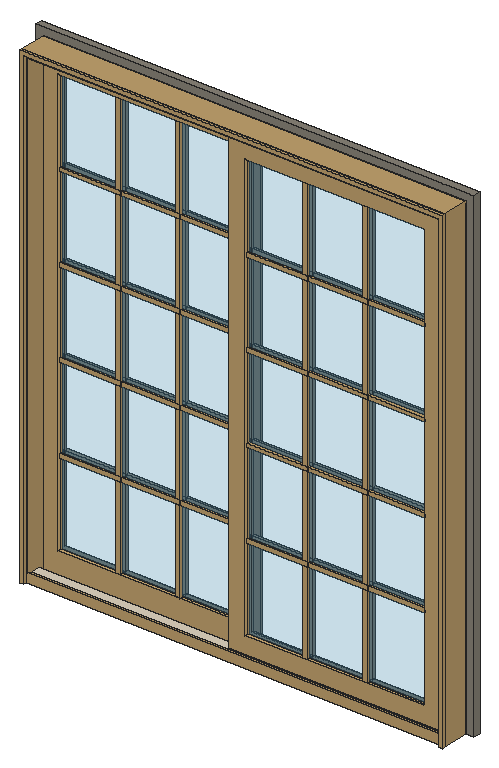
Revit family
Parameters (values of type "CSPD6068")
  Void Offset = if(and(Casing Visibility, BMC), 0' 1 5/16", if(and(Casing Visibility, Flat Casing), 0' 3", 0' 0"))  # 0' - 1 5/16"
  URL = "www.marvin.com"
  Thickness = 0' - 1 3/4"
  Sill Material = Fiberglass_Pultrusion-Marvin-Beige
  Rough Width = Width + 0' 1"  # 6' - 1 5/8"
  Rough Height = Height + 0' 0 1/2"  # 6' - 10 1/2"
  Prairie Corner Width = 0' - 4"
  Prairie Corner Height = 0' - 4"
  Panel Width = (Width + 0' 0 5/32") / 2  # 3' - 0 25/64"
  Operator Arrow Visibility = yes
  Nominal Width = 6' - 0"
  Nominal Height = 6' - 8"
  Muntins Interior Visibility = yes
  Muntins Interior Material = Wood-Marvin-Pine
  Muntins Exterior Visibility = yes
  Muntins Exterior Material = Aluminum-Marvin-Bronze
  Model = "CSPD6068"
  Manufacturer = "Marvin Windows and Doors"
  Lites Wide = 3
  Lites High = 5
  Lite Cut Prairie 9 = no
  Lite Cut HV Grid = not(Lite Cut Prairie 9)  # yes
  Label Visibility = no
  Jamb Extension Visibility = yes
  Interior Material = Wood-Marvin-Pine
  Inset to Installation Flange [instance] = 0' - 1"
  Height = if(Nominal Height = 6' 6", Nominal Height + 0' 1 1/2", if(Nominal Height = 6' 8", Nominal Height + 0' 2", Nominal Height - 0' 0 1/2"))  # 6' - 10"
  Wall Closure = (empty or 0)
  Width = if(or(Nominal Width = 4' 11", Nominal Width = 5' 11", Nominal Width = 6' 5", Nominal Width = 7' 11"), Nominal Width, Nominal Width + 0' 0 5/8")  # 6' - 0 5/8"
  Glazing Material = Glass-Marvin-IG Low E II with Argon
  Glass Type = "IG Low E II with Argon"
  Function = 1
  Frame = "Aluminum Clad"
  Flat Casing Visibility = and(Casing Visibility, Flat Casing)  # no
  Family created by = "www.rbuiltcomponents.com"
  Door Type = "Clad Sliding Patio Door"
  Design Pressure = "DP40"
  Description = "7280 SL DOOR"
  Daylight Area = DLO Width * DLO Height * 2  # 30.8444 SF
  DLO Width = Panel Width - 0' 5 31/32"  # 2' - 6 27/64"
  DLO Height = Height - 0' 9"  # 6' - 1"
  Cladding Material = Aluminum-Marvin-Bronze
  Casing Width = if(BMC, 0' 1 5/16", 0' 3")  # 0' - 1 5/16"
  Casing Visibility = yes
  BMC Visibility = and(Casing Visibility, BMC)  # yes
  BMC = yes
  Flat Casing = not(BMC)  # no
  Assembly Code = ""
Reference planes (in)
  plane 1 "Center (Front/Back)": y = 0
  plane 2 "Center (Left/Right)": x = 0
  plane 3 "Left": x = -36.3125
  plane 4 "Right": x = 36.3125
  plane 5 "Top": z = 82
  plane 6 "Exterior": y = 3
  plane 7 "Interior": y = -3
  plane 8 "Inset": y = 2
  plane 9 "Glazing": y = -0.65625
  plane 10: x = -32.4375
  plane 11: x = 32.125
  plane 12: z = 77.8125
  plane 13: z = 4.8125
  plane 14 "Jamb Ext Face": y = -2.5625
  plane 15: x = -0.0625
  plane 16: x = 0.0625
  plane 17: x = 1.70312
  plane 18: x = -2.01563
  plane 19: x = -17.22656
  plane 20: x = 16.91406
  plane 21 "Glazing 2": y = 1.84375
  plane 22 "Void Offset": z = 83.3125
  plane 23 "Casing": z = 83.3125
  plane 24: y = -2.59375
Forms (in)
  Sweep 1, solid, material "Aluminum-Marvin-Bronze" <- "Cladding Material"
    path origin (0, -0.65625, 0) x (1, 0, 0) y (0, 0, 1)
      loop
        line (1.70312, 4.8125) -> (32.125, 4.8125) -> (32.125, 77.8125) -> (1.70312, 77.8125) -> (1.70312, 4.8125)
    profile "Clad_Panel : Clad_Panel" origin (1.70312, -0.65625, 41.3125) x (-1, 0, 0) y (0, -1, 0)
      loop
        line (3, 0) -> (0, 0) -> (0, -0.05719) -> (0.20804, -0.26523) -> (0.20804, -0.4375) -> (3, -0.4375) -> (3, 0)
  Sweep 2, solid, material "Wood-Marvin-Pine" <- "Interior Material"
    path origin (0, -0.65625, 0) x (1, 0, 0) y (0, 0, 1)
      loop
        line (1.70312, 77.8125) -> (1.70312, 4.8125) -> (32.125, 4.8125) -> (32.125, 77.8125) -> (1.70312, 77.8125)
    profile "Int_Panel : Int_Panel" origin (1.70312, -0.65625, 41.3125) x (1, 0, 0) y (0, -1, 0)
      loop
        line (-3, 1.3125) -> (-3, 0) -> (-0.72484, 0) -> (-0.72484, 0.82511) -> (0, 0.82511) -> (0, 0.97108) -> (-0.19709, 1.3125) -> (-3, 1.3125)
  Sweep 3, solid, material "Aluminum-Marvin-Bronze" <- "Cladding Material"
    path origin (0, 2, 0) x (1, 0, 0) y (0, 0, 1)
      loop
        line (-36.3125, 0) -> (-36.3125, 82) -> (36.3125, 82) -> (36.3125, 0)
    profile "Clad_Frame : Clad_Frame" origin (-36.3125, 2, 41) x (-1, 0, 0) y (0, -1, 0)
      loop
        line (0, -1.09375) -> (0, 0) -> (-0.891, 0) -> (-0.891, -0.3871) -> (-0.67848, -0.3871) -> (-0.67848, -1.09375) -> (0, -1.09375)
  Sweep 4, solid, material "Wood-Marvin-Pine" <- "Interior Material"
    path origin (0, 2, 0) x (1, 0, 0) y (0, 0, 1)
      loop
        line (-36.3125, 0) -> (-36.3125, 82) -> (36.3125, 82) -> (36.3125, 0)
    profile "Int_Frame : Int_Frame" origin (-36.3125, 2, 41) x (-1, 0, 0) y (0, -1, 0)
      loop
        line (0, 0) -> (0, 4.5625) -> (-1.06374, 4.5625) -> (-1.06374, 1.46938) -> (-0.891, 1.46938) -> (-0.891, 0) -> (0, 0)
  Sweep 5, solid, material "Fiberglass_Pultrusion-Marvin-Beige" <- "Sill Material"
    path origin (0, 2, 0) x (1, 0, 0) y (0, 0, 1)
      loop
        line (35.24876, 0) -> (-35.24876, 0)
    profile "Sill : Sill" origin (0, 2, 0) x (0, 0, -1) y (0, -1, 0)
      loop
        line (-0.56617, 0) -> (0, 0) -> (0, 3.9375) -> (-1.61915, 3.9375) -> (-1.61915, 2.43933) -> (-0.82254, 2.43933) -> (-0.56617, 0)
  Extrusion 6, solid, material "Wood-Marvin-Pine" <- "Interior Material", visible <- "Jamb Extension Visibility", detail levels medium+fine
    sketch origin (0, -2.5625, 0) x (1, 0, 0) y (0, 0, 1)
      loop
        line (-36.3125, 0) -> (-35.625, 0) -> (-35.625, 81.3125) -> (35.625, 81.3125) -> (35.625, 0) -> (36.3125, 0) -> (36.3125, 82) -> (-36.3125, 82) -> (-36.3125, 0)
    from 0.03125 to 0.4375
  Extrusion 7, solid, material "Glass-Marvin-IG Low E II with Argon" <- "Glazing Material"
    sketch origin (0, -0.65625, 0) x (1, 0, 0) y (0, 0, 1)
      loop
        line (32.75, 78.4375) -> (1.07812, 78.4375) -> (1.07812, 4.1875) -> (32.75, 4.1875) -> (32.75, 78.4375)
    from 0 to 0.125
  Extrusion 8, solid, material "Glass-Marvin-IG Low E II with Argon" <- "Glazing Material"
    sketch origin (0, -0.65625, 0) x (1, 0, 0) y (0, 0, 1)
      loop
        line (32.75, 78.4375) -> (1.07812, 78.4375) -> (1.07812, 4.1875) -> (32.75, 4.1875) -> (32.75, 78.4375)
    from 0.65625 to 0.78125
  Sweep 9, solid, material "Aluminum-Marvin-Bronze" <- "Cladding Material"
    path origin (0, 1.84375, 0) x (1, 0, 0) y (0, 0, 1)
      loop
        line (-2.01563, 4.8125) -> (-2.01563, 77.8125) -> (-32.4375, 77.8125) -> (-32.4375, 4.8125) -> (-2.01563, 4.8125)
    profile "Clad_Panel : Clad_Panel" origin (-2.01563, 1.84375, 41.3125) x (-1, 0, 0) y (0, -1, 0)
      loop
        line (-3, 0) -> (-3, -0.4375) -> (-0.20804, -0.4375) -> (-0.20804, -0.26523) -> (0, -0.05719) -> (0, 0) -> (-3, 0)
  Sweep 10, solid, material "Wood-Marvin-Pine" <- "Interior Material"
    path origin (0, 1.84375, 0) x (1, 0, 0) y (0, 0, 1)
      loop
        line (-2.01563, 77.8125) -> (-32.4375, 77.8125) -> (-32.4375, 4.8125) -> (-2.01563, 4.8125) -> (-2.01563, 77.8125)
    profile "Int_Panel : Int_Panel" origin (-2.01563, 1.84375, 41.3125) x (1, 0, 0) y (0, -1, 0)
      loop
        line (3, 1.3125) -> (0.19709, 1.3125) -> (0, 0.97108) -> (0, 0.82511) -> (0.72484, 0.82511) -> (0.72484, 0) -> (3, 0) -> (3, 1.3125)
  Extrusion 11, solid, material "Wood-Marvin-Pine" <- "Interior Material"
    sketch origin (0, 0, 0) x (0, 1, 0) y (0, 0, -1)
      loop
        line (1.84375, -1.8125) -> (1.84375, -0.58259) -> (0.53125, -0.72054) -> (0.53125, -1.8125) -> (1.84375, -1.8125)
    from -0.98438 to 35.4375
  Extrusion 12, solid, material "Aluminum-Marvin-Bronze" <- "Cladding Material"
    sketch origin (0.125, 0, 0) x (0, 1, 0) y (0, 0, -1)
      loop
        line (2.28125, -1.8125) -> (2.28125, -0.53661) -> (1.84375, -0.58259) -> (1.84375, -1.8125) -> (2.28125, -1.8125)
    from -0.85938 to 35.5625
  Extrusion 13, solid, material "Glass-Marvin-IG Low E II with Argon" <- "Glazing Material"
    sketch origin (0, 1.84375, 0) x (1, 0, 0) y (0, 0, 1)
      loop
        line (-1.39063, 78.4375) -> (-33.0625, 78.4375) -> (-33.0625, 4.1875) -> (-1.39063, 4.1875) -> (-1.39063, 78.4375)
    from 0 to 0.125
  Extrusion 14, solid, material "Glass-Marvin-IG Low E II with Argon" <- "Glazing Material"
    sketch origin (0, 1.84375, 0) x (1, 0, 0) y (0, 0, 1)
      loop
        line (-1.39063, 78.4375) -> (-33.0625, 78.4375) -> (-33.0625, 4.1875) -> (-1.39063, 4.1875) -> (-1.39063, 78.4375)
    from 0.6875 to 0.8125
  Sweep 15, solid, material "Fiberglass_Pultrusion-Marvin-Beige" <- "Sill Material"
    path origin (0, 2, 0) x (1, 0, 0) y (0, 0, 1)
      loop
        line (35.63402, 0) -> (-35.63402, 0)
    profile "Clad_Sill : Clad_Sill" origin (0, 2, 0) x (0, 0, -1) y (0, -1, 0)
      loop
        line (-0.45122, -1.09375) -> (0, -1.09375) -> (0, 0) -> (-0.56617, 0) -> (-0.45122, -1.09375)
  Extrusion 16, solid, material "Wood-Marvin-Pine" <- "Interior Material"
    sketch origin (0, 0, 0) x (0, 1, 0) y (0, 0, 1)
      loop
        line (-1.9375, 1.61915) -> (-2.5625, 1.61915) -> (-2.5625, 0) -> (-1.9375, 0) -> (-1.9375, 1.61915)
    from -35.24876 to 35.24876
  Sweep 17, solid, material "Aluminum-Marvin-Bronze" <- "Cladding Material"
    path origin (0, 2, -3.79878) x (1, 0, 0) y (0, 0, 1)
      loop
        line (35.4215, 3.79878) -> (35.4215, 85.1203)
    profile "Clad_Jamb : Clad_Jamb" origin (35.4215, 2, 40.66076) x (-1, 0, 0) y (0, -1, 0)
      loop
        line (0.85588, 2.0994) -> (0, 2.23496) -> (0, -0.28062) -> (0.60662, -0.28062)
        arc (0.60662, -0.28062) -> (0.71586, 0.911) -> (0.85588, 2.0994) r 46.27589
  Sweep 18, solid, material "Aluminum-Marvin-Bronze" <- "Cladding Material"
    path origin (0, 2, 0) x (1, 0, 0) y (0, 0, 1)
      loop
        line (35.4215, 81.109) -> (0, 81.109)
    profile "Clad_closure : Clad_closure" origin (17.71075, 2, 81.109) x (0, 0, -1) y (0, -1, 0)
      loop
        line (0.17274, 1.46938) -> (0, 1.46938) -> (0, 0) -> (0.0625, 0) -> (0.0625, 1.40688) -> (0.23524, 1.40688) -> (0.23524, 2.65625) -> (0.17274, 2.65625) -> (0.17274, 1.46938)
  Sweep 19, solid, material "Aluminum-Marvin-Bronze" <- "Cladding Material"
    path origin (0, 1.84375, 0) x (1, 0, 0) y (0, 0, 1)
      loop
        line (0.98437, 80.8125) -> (0.98437, 0.53661)
    profile "Clad_closure 2 : Clad_closure 2" origin (0.98437, 1.84375, 40.67456) x (1, 0, 0) y (0, -1, 0)
      loop
        line (-0.14149, 1.375) -> (-0.14149, 1.9375) -> (-0.20399, 1.9375) -> (-0.20399, 1.3125) -> (-0.03125, 1.3125) -> (-0.03125, 0) -> (0.03125, 0) -> (0.03125, 1.375) -> (-0.14149, 1.375)
  Extrusion 20, void
    sketch origin (0, 0, 0) x (1, 0, 0) y (0, 1, 0)
      loop
        line (-36.3125, 2) -> (-36.3125, -3) -> (36.3125, -3) -> (36.3125, 2) -> (-36.3125, 2)
    from 0 to 82
  Extrusion 21, void
    sketch origin (0, 0, 0) x (1, 0, 0) y (0, 1, 0)
      loop
        line (-37.625, 3.125) -> (-37.625, 2) -> (37.625, 2) -> (37.625, 3.125) -> (-37.625, 3.125)
    from 0 to 83.3125
Cuts and joins
  joined: Sweep 10, Extrusion 11
  joined: Sweep 9, Extrusion 12
  joined: Sweep 5, Sweep 15
  joined: Sweep 4, Extrusion 16
  joined: Sweep 3, Sweep 17
  joined: Sweep 18, Sweep 19
Lines and regions (in)
  Masking region 1
    outline origin (0, 0, 0) x (0, 1, 0) y (0, 0, 1)
      loop
        line (3.09375, 82) -> (-2.5625, 82) -> (-2.5625, 0) -> (3.09375, 0) -> (3.09375, 82)
  Masking region 2
    outline origin (0, 0, 0) x (1, 0, 0) y (0, 1, 0)
      loop
        line (-36.3125, 3.09375) -> (-36.3125, -2.5625) -> (36.3125, -2.5625) -> (36.3125, 3.09375) -> (-36.3125, 3.09375)
  Masking region 3, visible <- "Jamb Extension Visibility"
    outline origin (0, 0, 0) x (1, 0, 0) y (0, 1, 0)
      loop
        line (-36.3125, -2.59375) -> (-36.3125, -3) -> (-35.625, -3) -> (-35.625, -2.59375) -> (-36.3125, -2.59375)
      loop
        line (36.3125, -2.59375) -> (35.625, -2.59375) -> (35.625, -3) -> (36.3125, -3) -> (36.3125, -2.59375)
  Masking region 4, visible <- "Jamb Extension Visibility"
    outline origin (0, 0, 0) x (0, 1, 0) y (0, 0, 1)
      loop
        line (-2.59375, 82) -> (-3, 82) -> (-3, 0) -> (-2.59375, 0) -> (-2.59375, 82)
  symbolic lines, style "DoorsFrameMullionProjection", detail levels coarse+medium
    curve 1: line (-36.3125, 3.09375, 0) -> (-35.24876, 3.09375, 0)
    curve 2: line (-35.24876, 3.09375, 0) -> (-35.24876, -2.5625, 0)
    curve 3: line (-35.24876, -2.5625, 0) -> (-36.3125, -2.5625, 0)
    curve 4: line (36.3125, 3.09375, 0) -> (35.24876, 3.09375, 0)
    curve 5: line (35.24876, 3.09375, 0) -> (35.24876, -2.5625, 0)
    curve 6: line (35.24876, -2.5625, 0) -> (36.3125, -2.5625, 0)
    curve 15: line (0, 3.09375, 82) -> (0, 3.09375, 80.93626)
    curve 16: line (0, 3.09375, 80.93626) -> (0, -2.5625, 80.93626)
    curve 17: line (0, -2.5625, 80.93626) -> (0, -2.5625, 82)
    curve 26: line (0, -0.21875, 77.8125) -> (0, -0.21875, 4.8125)
    curve 27: line (0, -1.96875, 77.8125) -> (0, -1.96875, 4.8125)
    curve 28: line (0, 3.09375, 0.45122) -> (0, -0.43933, 0.82254)
    curve 29: line (0, -0.43933, 1.61915) -> (0, -0.43933, 0.82254)
    curve 30: line (0, -0.43933, 1.61915) -> (0, -2.5625, 1.61915)
    curve 31: line (0, -2.5625, 0) -> (0, -2.5625, 1.61915)
    curve 32: line (0, 3.09375, 0) -> (0, 3.09375, 0.45122)
    curve 33: line (0, 3.09375, 0) -> (0, -2.5625, 0)
    curve 34: line (0, 3.09375, 82) -> (0, -3, 82)
    curve 57: line (-36.3125, -3, 0) -> (-36.3125, 3.09375, 0)
    curve 58: line (36.3125, -3, 0) -> (36.3125, 3.09375, 0)
  symbolic lines, style "DoorsFrameMullionProjection", visible <- "Jamb Extension Visibility", detail levels coarse+medium
    curve 7: line (-36.3125, -3, 0) -> (-35.625, -3, 0)
    curve 8: line (-35.625, -3, 0) -> (-35.625, -2.59375, 0)
    curve 9: line (36.3125, -3, 0) -> (35.625, -3, 0)
    curve 10: line (35.625, -3, 0) -> (35.625, -2.59375, 0)
    curve 13: line (0, -2.59375, 81.3125) -> (0, -3, 81.3125)
    curve 14: line (0, -3, 81.3125) -> (0, -3, 82)
  symbolic lines, style "Jamb Extension", visible <- "Jamb Extension Visibility", detail levels fine
    curve 11: line (0, -2.59375, 81.3125) -> (0, -3, 81.3125)
    curve 12: line (0, -3, 81.3125) -> (0, -3, 82)
  symbolic lines, style "DoorsPanelProjection", detail levels coarse+medium
    curve 18: line (0, -0.21875, 77.8125) -> (0, -0.21875, 80.93626)
    curve 19: line (0, -1.96875, 77.8125) -> (0, -0.21875, 77.8125)
    curve 20: line (0, -1.96875, 80.93626) -> (0, -1.96875, 77.8125)
    curve 21: line (0, -0.21875, 4.8125) -> (0, -1.96875, 4.8125)
    curve 22: line (0, -0.21875, 1.8125) -> (0, -0.21875, 4.8125)
    curve 23: line (0, -1.96875, 1.8125) -> (0, -0.21875, 1.8125)
    curve 24: line (0, -1.96875, 4.8125) -> (0, -1.96875, 1.8125)
    curve 35: line (-35.24876, 2.28125, 0) -> (-32.4375, 2.28125, 0)
    curve 36: line (-32.4375, 2.28125, 0) -> (-32.4375, 0.53125, 0)
    curve 37: line (-32.4375, 0.53125, 0) -> (-35.24876, 0.53125, 0)
    curve 38: line (0.95312, 2.28125, 0) -> (-2.01563, 2.28125, 0)
    curve 39: line (-2.01563, 2.28125, 0) -> (-2.01563, 0.53125, 0)
    curve 40: line (-2.01563, 0.53125, 0) -> (0.95312, 0.53125, 0)
    curve 41: line (0.95312, 2.28125, 0) -> (0.95312, 0.53125, 0)
    curve 42: line (35.24876, -0.21875, 0) -> (32.125, -0.21875, 0)
    curve 43: line (32.125, -0.21875, 0) -> (32.125, -1.96875, 0)
    curve 44: line (32.125, -1.96875, 0) -> (35.24876, -1.96875, 0)
    curve 45: line (-1.26563, -0.21875, 0) -> (1.70312, -0.21875, 0)
    curve 46: line (1.70312, -0.21875, 0) -> (1.70312, -1.96875, 0)
    curve 47: line (1.70312, -1.96875, 0) -> (-1.26563, -1.96875, 0)
    curve 48: line (-1.26563, -0.21875, 0) -> (-1.26563, -1.96875, 0)
    curve 49: line (0.875, -0.21875, 0) -> (0.875, 0.53125, 0)
    curve 50: line (-1.125, 0.53125, 0) -> (-1.125, -0.21875, 0)
    curve 51: line (1.70312, -0.21875, 0) -> (32.125, -0.21875, 0)
    curve 52: line (1.70312, -1.96875, 0) -> (32.125, -1.96875, 0)
    curve 53: line (-2.01563, 0.53125, 0) -> (-32.4375, 0.53125, 0)
    curve 54: line (-32.4375, 2.28125, 0) -> (-2.01563, 2.28125, 0)
  symbolic lines, style "DoorsGlassProjection", detail levels coarse+medium
    curve 25: line (0, -1.09375, 4.8125) -> (0, -1.09375, 77.8125)
    curve 55: line (-2.01563, 1.40625, 0) -> (-32.4375, 1.40625, 0)
    curve 56: line (1.70312, -1.09375, 0) -> (32.125, -1.09375, 0)
Text (in)
  text "Exterior" at (-74.96733, 27.31104, 0), in view "Ref. Level"
  text "Interior" at (-74.96733, -25.14366, 0), in view "Ref. Level"
  text "Exterior" at (0, 40.15149, 123.01588), in view "Right"
  text "Interior" at (0, -64.39139, 123.01588), in view "Right"
  text "Interior" at (0, -31.01599, 123.00693), in view "Left"
  text "Exterior" at (0, 54.57065, 123.00693), in view "Left"
Dimensions and locks (in)
  equal spacing: plane 3 "Left", plane 2 "Center (Left/Right)", plane 4 "Right"
  "Height": level to plane 5 "Top"
  "Width": plane 3 "Left" to plane 4 "Right"
  locked: plane 11 to plane 4 "Right" at 4.1875
  locked: plane 3 "Left" to plane 10 at 3.875
  locked: plane 12 to plane 5 "Top" at 4.1875
  locked: level to plane 13 at 4.8125
  locked: Extrusion 6 sketch curve to plane 4 "Right" at 0.6875
  locked: plane 3 "Left" to Extrusion 6 sketch curve at 0.6875
  locked: plane 5 "Top" to Extrusion 6 sketch curve at 0.6875
  locked: plane 12 to Extrusion 7 sketch curve at 0.625
  locked: Extrusion 7 sketch curve to plane 13 at 0.625
  locked: plane 11 to Extrusion 7 sketch curve at 0.625
  locked: plane 12 to Extrusion 8 sketch curve at 0.625
  locked: Extrusion 8 sketch curve to plane 13 at 0.625
  locked: plane 11 to Extrusion 8 sketch curve at 0.625
  locked: plane 9 "Glazing" to Extrusion 7 at 0.125
  locked: plane 9 "Glazing" to Extrusion 8 at 0.78125
  locked: plane 9 "Glazing" to Extrusion 8 at 0.65625
  locked: Extrusion 8 to Extrusion 8 at 0.125
  locked: nested 3 to plane 9 "Glazing" at 0.8125
  "Inset to Installation Flange": host wall to plane 8 "Inset"
  locked: plane 9 "Glazing" to plane 8 "Inset" at 2.65625
  locked: plane 14 "Jamb Ext Face" to plane 8 "Inset" at 4.5625
  locked: nested 4 to host wall at 12
  plane 15 to plane 2 "Center (Left/Right)" to plane 16 = 0' - 0 1/16", 0' - 0 1/16"
  locked: plane 17 to Extrusion 7 sketch curve at 0.625
  locked: plane 17 to Extrusion 8 sketch curve at 0.625
  locked: plane 21 "Glazing 2" to plane 8 "Inset" at 0.15625
  locked: Extrusion 13 sketch curve to plane 10 at 0.625
  locked: plane 12 to Extrusion 13 sketch curve at 0.625
  locked: Extrusion 13 sketch curve to plane 18 at 0.625
  locked: Extrusion 13 sketch curve to plane 13 at 0.625
  locked: plane 12 to Extrusion 14 sketch curve at 0.625
  locked: Extrusion 14 sketch curve to plane 10 at 0.625
  locked: Extrusion 14 sketch curve to plane 18 at 0.625
  locked: Extrusion 14 sketch curve to plane 13 at 0.625
  locked: nested 7 to plane 21 "Glazing 2" at 0.8125
  locked: plane 21 "Glazing 2" to Extrusion 13 at 0.125
  locked: plane 21 "Glazing 2" to Extrusion 14 at 0.6875
  locked: plane 21 "Glazing 2" to Extrusion 14 at 0.8125
  locked: Extrusion 14 to Extrusion 14 at 0.125
  locked: Extrusion 21 sketch curve to host wall at 0.125
  "Void Offset": Extrusion 21 sketch curve to plane 3 "Left"
  "Void Offset": plane 4 "Right" to Extrusion 21 sketch curve
  "Void Offset": plane 5 "Top" to plane 22 "Void Offset"
  "Casing Width": plane 5 "Top" to plane 23 "Casing"
  cut or joined group of Sweep 10, Extrusion 11 to plane 21 "Glazing 2" = 0' - 1 5/16"
  equal spacing: plane 17, plane 20, plane 11
  equal spacing: plane 18, plane 19, plane 10
  locked: plane 17 to plane 2 "Center (Left/Right)" at 1.70313
  locked: plane 2 "Center (Left/Right)" to plane 18 at 2.01562
  equal spacing: level, nested 9, plane 5 "Top"
  locked: nested 9 to plane 17 at 6
  locked: plane 24 to plane 14 "Jamb Ext Face" at 0.03125
  aligned and locked: plane 6 "Exterior" to host wall
  aligned and locked: plane 7 "Interior" to host wall
  aligned and locked: Sweep 1 sketch curve to plane 11
  aligned and locked: Sweep 1 sketch curve to plane 13
  aligned and locked: Sweep 1 sketch curve to plane 12
  aligned and locked: Sweep 2 sketch curve to plane 12
  aligned and locked: Sweep 2 sketch curve to plane 13
  aligned and locked: Sweep 2 sketch curve to plane 11
  aligned and locked: plane 3 "Left" to Sweep 3 sketch curve
  aligned and locked: level to Sweep 3 sketch curve  (x2)
  aligned and locked: Sweep 3 sketch curve to plane 5 "Top"
  aligned and locked: Sweep 3 sketch curve to plane 4 "Right"
  aligned and locked: plane 3 "Left" to Sweep 4 sketch curve
  aligned and locked: level to Sweep 4 sketch curve  (x2)
  aligned and locked: Sweep 4 sketch curve to plane 5 "Top"
  aligned and locked: Sweep 4 sketch curve to plane 4 "Right"
  aligned and locked: level to nested 1
  aligned and locked: nested 1 to plane 8 "Inset"
  aligned and locked: Sweep 5 sketch curve to level
  aligned and locked: Extrusion 6 sketch curve to plane 3 "Left"
  aligned and locked: plane 5 "Top" to Extrusion 6 sketch curve
  aligned and locked: plane 4 "Right" to Extrusion 6 sketch curve
  aligned and locked: level to Extrusion 6 sketch curve  (x2)
  aligned and locked: Sweep 3 to Extrusion 6 sketch curve
  aligned and locked: host wall to Extrusion 6
  aligned and locked: Extrusion 7 to plane 9 "Glazing"
  aligned and locked: plane 9 "Glazing" to nested 2
  aligned and locked: plane 12 to nested 2
  aligned and locked: nested 3 to plane 12
  aligned and locked: plane 3 "Left" to curve 1
  aligned and locked: curve 3 to plane 14 "Jamb Ext Face"
  aligned and locked: plane 14 "Jamb Ext Face" to curve 6
  aligned and locked: curve 7 to Extrusion 6
  aligned and locked: curve 10 to Extrusion 6
  aligned and locked: Extrusion 6 to curve 11
  aligned and locked: Extrusion 6 to curve 12
  aligned and locked: plane 5 "Top" to curve 14
  aligned and locked: Extrusion 6 to curve 13
  aligned and locked: plane 5 "Top" to curve 15
  aligned and locked: plane 14 "Jamb Ext Face" to curve 17
  aligned and locked: curve 19 to plane 12
  aligned and locked: curve 21 to plane 13
  aligned and locked: curve 21 to curve 25
  aligned and locked: plane 5 "Top" to Masking region 1 sketch curve
  aligned and locked: level to Masking region 1 sketch curve
  aligned and locked: plane 2 "Center (Left/Right)" to nested 4
  aligned and locked: Sweep 1 sketch curve to plane 17
  aligned and locked: plane 17 to Sweep 2 sketch curve
  aligned and locked: plane 20 to nested 2
  aligned and locked: nested 3 to plane 20
  aligned and locked: Sweep 9 sketch curve to plane 18
  aligned and locked: plane 12 to Sweep 9 sketch curve
  aligned and locked: plane 13 to Sweep 9 sketch curve
  aligned and locked: Sweep 9 sketch curve to plane 10
  aligned and locked: Sweep 10 sketch curve to plane 10
  aligned and locked: Sweep 10 sketch curve to plane 18
  aligned and locked: plane 12 to Sweep 10 sketch curve
  aligned and locked: plane 13 to Sweep 10 sketch curve
  aligned and locked: Sweep 10 to Extrusion 11 sketch curve
  aligned and locked: Extrusion 11 sketch curve to Sweep 10
  aligned and locked: Extrusion 11 to Sweep 10
  aligned and locked: Sweep 10 to Extrusion 11
  aligned and locked: Extrusion 12 sketch curve to Sweep 9  (x2)
  aligned and locked: cut or joined group of Sweep 10, Extrusion 11 to Extrusion 12
  aligned and locked: Extrusion 12 to Sweep 9
  aligned and locked: nested 5 to plane 19
  aligned and locked: nested 5 to plane 12
  aligned and locked: plane 2 "Center (Left/Right)" to nested 6
  aligned and locked: plane 8 "Inset" to nested 6
  aligned and locked: nested 5 to plane 21 "Glazing 2"
  aligned and locked: Extrusion 12 sketch curve to plane 21 "Glazing 2"
  aligned and locked: plane 21 "Glazing 2" to Extrusion 11 sketch curve
  aligned and locked: Sweep 5 sketch curve to Sweep 4
  aligned and locked: Sweep 4 to Sweep 5 sketch curve
  aligned and locked: Sweep 15 sketch curve to Sweep 3
  aligned and locked: Sweep 3 to Sweep 15 sketch curve
  aligned and locked: Sweep 5 to curve 29
  aligned and locked: Sweep 3 to Sweep 15
  aligned and locked: plane 14 "Jamb Ext Face" to curve 31
  aligned and locked: curve 30 to Sweep 5
  aligned and locked: curve 28 to Sweep 5
  aligned and locked: Extrusion 16 sketch curve to cut or joined group of Sweep 5, Sweep 15  (x2)
  aligned and locked: level to Extrusion 16 sketch curve
  aligned and locked: Extrusion 16 sketch curve to plane 14 "Jamb Ext Face"
  aligned and locked: Extrusion 16 to Sweep 4  (x2)
  aligned and locked: Sweep 3 to Sweep 17 sketch curve
  aligned and locked: level to Sweep 17 sketch curve
  aligned and locked: Extrusion 13 to plane 21 "Glazing 2"
  aligned and locked: Sweep 18 sketch curve to cut or joined group of Sweep 4, Extrusion 16
  aligned and locked: cut or joined group of Sweep 3, Sweep 17 to Sweep 18 sketch curve
  aligned and locked: Sweep 19 sketch curve to cut or joined group of Sweep 9, Extrusion 12
  aligned and locked: cut or joined group of Sweep 9, Extrusion 12 to Sweep 19 sketch curve
  aligned and locked: plane 2 "Center (Left/Right)" to Sweep 18 sketch curve
  aligned and locked: Masking region 2 sketch curve to plane 3 "Left"
  aligned and locked: plane 4 "Right" to Masking region 2 sketch curve
  aligned and locked: curve 35 to cut or joined group of Sweep 9, Extrusion 12
  aligned and locked: plane 10 to curve 36
  aligned and locked: curve 37 to cut or joined group of Sweep 10, Extrusion 11
  aligned and locked: curve 2 to curve 35
  aligned and locked: cut or joined group of Sweep 9, Extrusion 12 to curve 38
  aligned and locked: curve 39 to plane 18
  aligned and locked: cut or joined group of Sweep 10, Extrusion 11 to curve 40
  aligned and locked: curve 46 to plane 17
  aligned and locked: plane 11 to curve 43
  aligned and locked: curve 5 to curve 44
  aligned and locked: curve 49 to nested 6
  aligned and locked: curve 50 to nested 6
  aligned and locked: curve 40 to curve 50
  aligned and locked: curve 45 to curve 49
  aligned and locked: curve 1 to cut or joined group of Sweep 5, Sweep 15
  aligned and locked: curve 4 to cut or joined group of Sweep 5, Sweep 15
  aligned and locked: plane 19 to nested 7
  aligned and locked: plane 12 to nested 7
  aligned and locked: curve 15 to cut or joined group of Sweep 3, Sweep 17
  aligned and locked: curve 32 to cut or joined group of Sweep 3, Sweep 17
  aligned and locked: curve 19 to curve 26
  aligned and locked: Extrusion 6 to curve 10
  aligned and locked: curve 39 to curve 55
  aligned and locked: curve 36 to curve 55
  aligned and locked: curve 46 to curve 56
  aligned and locked: curve 43 to curve 56
  aligned and locked: cut or joined group of Sweep 5, Sweep 15 to Extrusion 12 sketch curve
  aligned and locked: cut or joined group of Sweep 5, Sweep 15 to Extrusion 11 sketch curve
  aligned and locked: Extrusion 20 sketch curve to plane 3 "Left"
  aligned and locked: plane 4 "Right" to Extrusion 20 sketch curve
  aligned and locked: Extrusion 20 sketch curve to host wall
  aligned and locked: Extrusion 20 to plane 5 "Top"
  aligned and locked: plane 8 "Inset" to Extrusion 20 sketch curve
  aligned and locked: Extrusion 21 sketch curve to plane 8 "Inset"
  aligned and locked: Extrusion 21 to plane 22 "Void Offset"
  aligned and locked: Extrusion 20 to level
  aligned and locked: Extrusion 21 to level
  aligned and locked: plane 8 "Inset" to nested 8
  aligned and locked: plane 2 "Center (Left/Right)" to nested 8
  aligned and locked: level to nested 8
  aligned and locked: Masking region 2 sketch curve to cut or joined group of Sweep 3, Sweep 17
  aligned and locked: Masking region 1 sketch curve to cut or joined group of Sweep 3, Sweep 17
  aligned and locked: curve 57 to plane 3 "Left"
  aligned and locked: curve 58 to plane 4 "Right"
  aligned and locked: curve 23 to Sweep 2
  aligned and locked: curve 45 to Sweep 1
  aligned and locked: curve 42 to Sweep 1
  aligned and locked: curve 41 to nested 6
  aligned and locked: curve 48 to nested 6
  aligned and locked: curve 24 to Sweep 2
  aligned and locked: curve 22 to Sweep 1
  aligned and locked: curve 20 to Sweep 2
  aligned and locked: curve 18 to Sweep 1
  aligned and locked: Masking region 2 sketch curve to plane 14 "Jamb Ext Face"
  aligned and locked: Masking region 3 sketch curve to host wall
  aligned and locked: host wall to Masking region 3 sketch curve
  aligned and locked: Masking region 3 sketch curve to plane 3 "Left"
  aligned and locked: Masking region 3 sketch curve to Extrusion 6  (x2)
  aligned and locked: Masking region 3 sketch curve to plane 4 "Right"
  aligned and locked: curve 8 to Extrusion 6
  aligned and locked: curve 9 to host wall
  aligned and locked: Extrusion 6 to plane 24
  aligned and locked: plane 24 to Masking region 3 sketch curve
  aligned and locked: plane 24 to curve 8
  aligned and locked: Masking region 3 sketch curve to plane 24
  aligned and locked: plane 24 to curve 10
  aligned and locked: plane 24 to curve 11
  aligned and locked: plane 24 to curve 13
  aligned and locked: Masking region 1 sketch curve to plane 14 "Jamb Ext Face"
  aligned and locked: plane 5 "Top" to Masking region 4 sketch curve
  aligned and locked: level to Masking region 4 sketch curve
  aligned and locked: plane 24 to Masking region 4 sketch curve
  aligned and locked: Masking region 4 sketch curve to host wall
Automatic sketch dimensions
  Sweep 15 sketch curve to level = 0' - 0"
  plane 4 "Right" to Sweep 17 sketch curve = 0' - 0.891"
  curve 37 to plane 3 "Left" = 0' - 1.06374"
  plane 4 "Right" to curve 42 = 0' - 1.06374"
  curve 52 to plane 14 "Jamb Ext Face" = 0' - 0 19/32"
  plane 9 "Glazing" to curve 56 = 0' - 0 7/16"
  plane 21 "Glazing 2" to curve 55 = 0' - 0 7/16"
  curve 33 to level = 0' - 0"
  plane 9 "Glazing" to curve 25 = 0' - 0 7/16"
  curve 17 to curve 11 = 0' - 0.37624"
Nested families (in)
  nested 1: "Door_Section_Detail" at (0, 2, 0) x (0, -1, 0) z (1, 0, 0), type "Door_Section_Detail", detail levels fine
  nested 2: "Muntins" at (16.91406, -0.65625, -31.1875), visible <- "Muntins Exterior Visibility", Muntin Material <- "Muntins Exterior Material", type "Muntins"
    with Muntin Material Aluminum-Marvin-Bronze, GlazingWidth 2' - 6 27/64", GlazingHeight 6' - 1", Width 2' - 6 55/64", LitesVertical 5, HorizontalMuntins 4, Height 6' - 1 7/16", Inset Vert 0' - 9.91146", Inset Horiz 1' - 2 5/16"
  nested 3: "Muntins" at (16.91406, -1.46875, -31.1875), Muntin Material <- "Muntins Interior Material", visible <- "Muntins Interior Visibility", type "Muntins"
    with Muntin Material Wood-Marvin-Pine, GlazingWidth 2' - 6 27/64", GlazingHeight 6' - 1", Width 2' - 6 55/64", LitesVertical 5, HorizontalMuntins 4, Height 6' - 1 7/16", Inset Vert 0' - 9.91146", Inset Horiz 1' - 2 5/16"
  nested 4: "Label Annotation 1-16 w5" at (0, 15, 0), visible <- "Label Visibility", type "Label Annotation 1-16 w5"
  nested 5: "Muntins" at (-17.22656, 1.84375, -31.1875) x (-1, 0, 0) z (0, 0, 1), visible <- "Muntins Exterior Visibility", Muntin Material <- "Muntins Exterior Material", type "Muntins"
    with Muntin Material Aluminum-Marvin-Bronze, GlazingWidth 2' - 6 27/64", GlazingHeight 6' - 1", Width 2' - 6 55/64", LitesVertical 5, HorizontalMuntins 4, Height 6' - 1 7/16", Inset Vert 0' - 9.91146", Inset Horiz 1' - 2 5/16"
  nested 6: "Door_Plan_Detail" at (0, 2, 0), type "Door_Plan_Detail", detail levels fine
  nested 7: "Muntins" at (-17.22656, 1.03125, -31.1875) x (-1, 0, 0) z (0, 0, 1), Muntin Material <- "Muntins Interior Material", visible <- "Muntins Interior Visibility", type "Muntins"
    with Muntin Material Wood-Marvin-Pine, GlazingWidth 2' - 6 27/64", GlazingHeight 6' - 1", Width 2' - 6 55/64", LitesVertical 5, HorizontalMuntins 4, Height 6' - 1 7/16", Inset Vert 0' - 9.91146", Inset Horiz 1' - 2 5/16"
  nested 8: "Casing_Clad" at (0, 2, 0), visible <- "Casing Visibility", type "Casing_Clad"
    with Width 6' - 0 5/8", Height 6' - 10"
  nested 9: "Sliding Arrow" at (7.70312, 2, 41) x (-1, 0, 0) z (0, -1, 0), visible <- "Operator Arrow Visibility", type "Sliding Arrow"
Definition of nested family "Muntins"
  Parameters (values of type "Muntins")
    PrairieMuntVisible = no
    Prairie Corner Width = 0' - 4"
    Prairie Corner Height = 0' - 4"
    Muntin Extension = 0' - 0 7/16"
    GridMuntVisible = yes
    GlazingWidth = 2' - 0"
    GlazingHeight = 2' - 11 1/8"
    Width = GlazingWidth + Muntin Extension  # 2' - 0 7/16"
    VerticalMuntins = if(LitesHorizontal < 3, 2, LitesHorizontal - 1)  # 2
    VertMuntVisible = and(GridMuntVisible, LitesHorizontal > 2)  # yes
    MuntinWidth = 0' - 0 3/4"
    MuntinDepth [instance] = 0' - 0 3/8"
    Muntin Material [instance] = none
    LitesVertical = 3
    LitesHorizontal = 3
    HorizontalMuntins = if(LitesVertical < 3, 2, LitesVertical - 1)  # 2
    HorizMuntVisible = and(GridMuntVisible, LitesVertical > 2)  # yes
    Height = GlazingHeight + Muntin Extension  # 2' - 11 9/16"
    Inset Vert = if(LitesHorizontal < 3, (Width / 3) - (MuntinWidth / 2), (Width / LitesHorizontal) - (MuntinWidth / 2))  # 0' - 7.77083"
    Inset Horiz = if(LitesVertical < 3, (Height / 3) - (MuntinWidth / 2), (Height / LitesVertical) - (MuntinWidth / 2))  # 0' - 11.47917"
    CenterMuntinVertical = and(GridMuntVisible, LitesHorizontal = 2)  # no
    CenterMuntinHorizontal = and(GridMuntVisible, LitesVertical = 2)  # no
    Assembly Code = ""
  Reference planes (in)
    plane 1 "Center (Front/Back)": y = 0
    plane 2: z = 0
    plane 3 "Center (Left/Right)": x = 0
    plane 4: z = 35.78125
    plane 5: z = 53.5625
    plane 6: z = 71.34375
    plane 7: z = 59.86458
    plane 8: z = 47.26042
    plane 9: z = 71.125
    plane 10: z = 36
    plane 11: x = -12
    plane 12: x = 12
    plane 13: x = -4.44792
    plane 14: x = -12.21875
    plane 15: x = 12.21875
    plane 16: x = 4.44792
    plane 17: z = 67.125
    plane 18: z = 40
    plane 19: x = -8
    plane 20: x = 8
  Forms (in)
    Extrusion 1, solid, material <- "Muntin Material", visible <- "CenterMuntinVertical", detail levels medium+fine
      sketch origin (9, 0, 0) x (1, 0, 0) y (0, 0, 1)
        loop
          line (-9.375, 71.34375) -> (-9.375, 35.78125) -> (-8.625, 35.78125) -> (-8.625, 71.34375) -> (-9.375, 71.34375)
      from 0 to 0.375 <- "MuntinDepth"
    Extrusion 2, solid, material <- "Muntin Material", visible <- "CenterMuntinHorizontal", detail levels medium+fine
      sketch origin (-0.0013, 0, 14.6875) x (1, 0, 0) y (0, 0, 1)
        loop
          line (-12.21745, 39.25) -> (-12.21745, 38.5) -> (12.22005, 38.5) -> (12.22005, 39.25) -> (-12.21745, 39.25)
      from 0 to 0.375 <- "MuntinDepth"
    Extrusion 3, solid, material <- "Muntin Material", visible <- "VertMuntVisible", detail levels medium+fine
      sketch origin (4.92708, 0, -2.90625) x (1, 0, 0) y (0, 0, 1)
        loop
          line (-9.375, 74.25) -> (-9.375, 38.6875) -> (-8.625, 38.6875) -> (-8.625, 74.25) -> (-9.375, 74.25)
      from 0 to 0.375 <- "MuntinDepth"
    Extrusion 4, solid, material <- "Muntin Material", visible <- "HorizMuntVisible", detail levels medium+fine
      sketch origin (-3.09635, 0, 14.17708) x (1, 0, 0) y (0, 0, 1)
        loop
          line (-9.1224, 45.6875) -> (-9.1224, 44.9375) -> (15.3151, 44.9375) -> (15.3151, 45.6875) -> (-9.1224, 45.6875)
      from 0 to 0.375 <- "MuntinDepth"
    Extrusion 5, solid, material <- "Muntin Material", visible <- "HorizMuntVisible", detail levels medium+fine
      sketch origin (-3.09635, 0, 2.32292) x (1, 0, 0) y (0, 0, 1)
        loop
          line (-9.1224, 45.6875) -> (-9.1224, 44.9375) -> (15.3151, 44.9375) -> (15.3151, 45.6875) -> (-9.1224, 45.6875)
      from 0 to 0.375 <- "MuntinDepth"
    Extrusion 6, solid, material <- "Muntin Material", visible <- "VertMuntVisible", detail levels medium+fine
      sketch origin (13.07292, 0, -2.90625) x (1, 0, 0) y (0, 0, 1)
        loop
          line (-9.375, 74.25) -> (-9.375, 38.6875) -> (-8.625, 38.6875) -> (-8.625, 74.25) -> (-9.375, 74.25)
      from 0 to 0.375 <- "MuntinDepth"
    Extrusion 7, solid, material <- "Muntin Material", visible <- "PrairieMuntVisible", detail levels medium+fine
      sketch origin (1, 0, 0) x (1, 0, 0) y (0, 0, 1)
        loop
          line (-9, 71.34375) -> (-9, 35.78125) -> (-8.25, 35.78125) -> (-8.25, 71.34375) -> (-9, 71.34375)
      from 0 to 0.375 <- "MuntinDepth"
    Extrusion 8, solid, material <- "Muntin Material", visible <- "PrairieMuntVisible", detail levels medium+fine
      sketch origin (17, 0, 0) x (1, 0, 0) y (0, 0, 1)
        loop
          line (-9.75, 71.34375) -> (-9.75, 35.78125) -> (-9, 35.78125) -> (-9, 71.34375) -> (-9.75, 71.34375)
      from 0 to 0.375 <- "MuntinDepth"
    Extrusion 9, solid, material <- "Muntin Material", visible <- "PrairieMuntVisible", detail levels medium+fine
      sketch origin (-0.0013, 0, 28.25) x (1, 0, 0) y (0, 0, 1)
        loop
          line (-12.21745, 38.875) -> (-12.21745, 38.125) -> (12.22005, 38.125) -> (12.22005, 38.875) -> (-12.21745, 38.875)
      from 0 to 0.375 <- "MuntinDepth"
    Extrusion 10, solid, material <- "Muntin Material", visible <- "PrairieMuntVisible", detail levels medium+fine
      sketch origin (-0.0013, 0, 1.125) x (1, 0, 0) y (0, 0, 1)
        loop
          line (-12.21745, 39.625) -> (-12.21745, 38.875) -> (12.22005, 38.875) -> (12.22005, 39.625) -> (-12.21745, 39.625)
      from 0 to 0.375 <- "MuntinDepth"
  Cuts and joins
    joined: Extrusion 7, Extrusion 8, Extrusion 9, Extrusion 10
  Lines and regions (in)
    model lines, style "Muntins", visible <- "CenterMuntinHorizontal", detail levels coarse
      curve 1: line (-12.21875, 0, 53.5625) -> (12.21875, 0, 53.5625)
    model lines, style "Muntins", visible <- "HorizMuntVisible", detail levels coarse
      curve 2: line (-12.21875, 0, 59.48958) -> (12.21875, 0, 59.48958)
      curve 3: line (-12.21875, 0, 47.63542) -> (12.21875, 0, 47.63542)
    model lines, style "Muntins", visible <- "CenterMuntinVertical", detail levels coarse
      curve 4: line (0, 0, 71.34375) -> (0, 0, 35.78125)
    model lines, style "Muntins", visible <- "VertMuntVisible", detail levels coarse
      curve 5: line (-4.07292, 0, 71.34375) -> (-4.07292, 0, 35.78125)
      curve 6: line (4.07292, 0, 71.34375) -> (4.07292, 0, 35.78125)
    model lines, style "Muntins", visible <- "PrairieMuntVisible", detail levels coarse
      curve 7: line (-12.21875, 0, 66.75) -> (12.21875, 0, 66.75)
      curve 8: line (-12.21875, 0, 40.375) -> (12.21875, 0, 40.375)
      curve 9: line (-7.625, 0, 35.78125) -> (-7.625, 0, 71.34375)
      curve 10: line (7.625, 0, 35.78125) -> (7.625, 0, 71.34375)
  Dimensions and locks (in)
    "Inset Horiz": plane 6 to plane 7
    "Inset Horiz": plane 8 to plane 4
    equal spacing: plane 6, plane 5, plane 4
    "Height": plane 6 to plane 4
    "GlazingHeight": plane 9 to plane 10
    equal spacing: plane 9, plane 5, plane 10
    "GlazingWidth": plane 12 to plane 11
    equal spacing: plane 12, plane 3 "Center (Left/Right)", plane 11
    "MuntinWidth": Extrusion 1 sketch curve to Extrusion 1 sketch curve
    "Height": Extrusion 1 sketch curve to Extrusion 1 sketch curve
    "MuntinWidth": Extrusion 2 sketch curve to Extrusion 2 sketch curve
    "Width": Extrusion 2 sketch curve to Extrusion 2 sketch curve
    "MuntinWidth": Extrusion 3 sketch curve to Extrusion 3 sketch curve
    "Height": Extrusion 3 sketch curve to Extrusion 3 sketch curve
    "Width": plane 15 to plane 14
    equal spacing: plane 15, plane 3 "Center (Left/Right)", plane 14
    "Inset Vert": plane 13 to plane 14
    "Inset Vert": plane 15 to plane 16
    "MuntinWidth": Extrusion 4 sketch curve to Extrusion 4 sketch curve
    "Width": Extrusion 4 sketch curve to Extrusion 4 sketch curve
    "MuntinWidth": Extrusion 5 sketch curve to Extrusion 5 sketch curve
    "Width": Extrusion 5 sketch curve to Extrusion 5 sketch curve
    group 2 to group 3 = 0' - 0"  (x2)
    group 3 to group 2 = 0' - 11.85417"
    "MuntinWidth": Extrusion 6 sketch curve to Extrusion 6 sketch curve
    "Height": Extrusion 6 sketch curve to Extrusion 6 sketch curve
    group 4 to group 5 = 0' - 8.14583"
    group 4 to group 5 = 0' - 0"  (x2)
    "Prairie Corner Width": plane 19 to plane 11
    "Prairie Corner Width": plane 20 to plane 12
    "Prairie Corner Height": plane 9 to plane 17
    "Prairie Corner Height": plane 18 to plane 10
    "MuntinWidth": Extrusion 7 sketch curve to Extrusion 7 sketch curve
    "Height": Extrusion 7 sketch curve to Extrusion 7 sketch curve
    "MuntinWidth": Extrusion 8 sketch curve to Extrusion 8 sketch curve
    "Height": Extrusion 8 sketch curve to Extrusion 8 sketch curve
    "MuntinWidth": Extrusion 9 sketch curve to Extrusion 9 sketch curve
    "Width": Extrusion 9 sketch curve to Extrusion 9 sketch curve
    "MuntinWidth": Extrusion 10 sketch curve to Extrusion 10 sketch curve
    "Width": Extrusion 10 sketch curve to Extrusion 10 sketch curve
    aligned and locked: plane 6 to Extrusion 1  (x2)
    aligned and locked: Extrusion 1 to plane 4  (x3)
    aligned and locked: Extrusion 3 to plane 13  (x5)
    aligned and locked: Extrusion 3 to plane 4  (x3)
    aligned and locked: Extrusion 2 to plane 14
    aligned and locked: plane 15 to Extrusion 2
    aligned and locked: plane 6 to Extrusion 3
    aligned and locked: plane 7 to Extrusion 4
    aligned and locked: Extrusion 4 to plane 14
    aligned and locked: plane 15 to Extrusion 4
    aligned and locked: curve 1 to plane 5
    aligned and locked: plane 14 to curve 1
    aligned and locked: plane 15 to curve 1
    aligned and locked: Extrusion 5 to plane 14
    aligned and locked: Extrusion 5 to plane 8
    aligned and locked: plane 15 to Extrusion 5
    aligned and locked: Extrusion 5 to curve 3  (x2)
    aligned and locked: Extrusion 4 to curve 2  (x2)
    aligned and locked: curve 4 to plane 3 "Center (Left/Right)"
    aligned and locked: Extrusion 1 to curve 4  (x2)
    aligned and locked: Extrusion 3 to curve 5  (x2)
    aligned and locked: Extrusion 6 to curve 6  (x2)
    aligned and locked: Extrusion 6 to plane 16
    aligned and locked: plane 6 to Extrusion 6
    aligned and locked: plane 6 to curve 6
    aligned and locked: Extrusion 6 to plane 4
    aligned and locked: plane 4 to curve 6
    aligned and locked: cut or joined group of Extrusion 7, Extrusion 8, Extrusion 9, Extrusion 10 to plane 19
    aligned and locked: plane 20 to cut or joined group of Extrusion 7, Extrusion 8, Extrusion 9, Extrusion 10
    aligned and locked: plane 17 to cut or joined group of Extrusion 7, Extrusion 8, Extrusion 9, Extrusion 10
    aligned and locked: cut or joined group of Extrusion 7, Extrusion 8, Extrusion 9, Extrusion 10 to plane 18
    aligned and locked: cut or joined group of Extrusion 7, Extrusion 8, Extrusion 9, Extrusion 10 to curve 7  (x2)
    aligned and locked: cut or joined group of Extrusion 7, Extrusion 8, Extrusion 9, Extrusion 10 to curve 8  (x2)
    aligned and locked: cut or joined group of Extrusion 7, Extrusion 8, Extrusion 9, Extrusion 10 to curve 9  (x2)
    aligned and locked: cut or joined group of Extrusion 7, Extrusion 8, Extrusion 9, Extrusion 10 to curve 10  (x2)
  Automatic sketch dimensions
    Extrusion 1 sketch curve to plane 4 = 0' - 0"
    Extrusion 1 sketch curve to plane 3 "Center (Left/Right)" = 0' - 0 3/8"
    Extrusion 2 sketch curve to plane 14 = 0' - 0"
    Extrusion 2 sketch curve to plane 5 = 0' - 0 3/8"
    Extrusion 7 sketch curve to plane 4 = 0' - 0"
    Extrusion 7 sketch curve to plane 19 = 0' - 0"
    Extrusion 8 sketch curve to plane 4 = 0' - 0"
    Extrusion 8 sketch curve to plane 20 = 0' - 0 3/4"
    Extrusion 9 sketch curve to plane 14 = 0' - 0"
    Extrusion 9 sketch curve to plane 17 = 0' - 0 3/4"
    Extrusion 10 sketch curve to plane 14 = 0' - 0"
    Extrusion 10 sketch curve to plane 18 = 0' - 0"
    plane 19 to curve 9 = 0' - 0 3/8"
    curve 10 to plane 20 = 0' - 0 3/8"
    plane 18 to curve 8 = 0' - 0 3/8"
    curve 7 to plane 17 = 0' - 0 3/8"
Definition of nested family "Casing_Clad"
  Parameters (values of type "Casing_Clad")
    Width = 16' - 0"
    Height = 12' - 0"
    Flat Casing Visibility = no
    Cladding Finish = Aluminum-Marvin-Bronze
    BMC Visibility = yes
    Assembly Code = ""
  Reference planes (in)
    plane 1 "Center (Front/Back)": y = 0
    plane 2: z = 0
    plane 3 "Center (Left/Right)": x = 0
    plane 4: z = 144
    plane 5: x = -96
    plane 6: x = 96
  Forms (in)
    Sweep 1, solid, material "Aluminum-Marvin-Bronze" <- "Cladding Finish", visible <- "BMC Visibility"
      path origin (0, 0, 0) x (1, 0, 0) y (0, 0, 1)
        loop
          line (-96, 0) -> (-96, 144) -> (96, 144) -> (96, 0)
      profile "BMC_Clad : BMC_Clad" origin (96, 0, 72) x (1, 0, 0) y (0, -1, 0)
        loop
          line (0.71589, -1.25) -> (1.3125, -1.25) -> (1.3125, 0) -> (0, 0) -> (0, -1.09375) -> (0.38081, -1.09375) -> (0.71589, -1.25)
    Sweep 2, solid, material "Aluminum-Marvin-Bronze" <- "Cladding Finish", visible <- "Flat Casing Visibility"
      path origin (0, 0, 0) x (1, 0, 0) y (0, 0, 1)
        loop
          line (-96, 0) -> (-96, 144) -> (96, 144) -> (96, 0)
      profile "Flat_Casing_Clad : Flat_Casing_Clad" origin (96, 0, 72) x (1, 0, 0) y (0, -1, 0)
        loop
          line (3, -1.09375) -> (3, 0) -> (0, 0) -> (0, -1.09375) -> (3, -1.09375)
  Lines and regions (in)
    Masking region 1, visible <- "Flat Casing Visibility"
      outline origin (0, 0, 0) x (1, 0, 0) y (0, 1, 0)
        loop
          line (-96, 0) -> (-96, 1.09375) -> (-99, 1.09375) -> (-99, 0) -> (-96, 0)
    Masking region 2, visible <- "Flat Casing Visibility"
      outline origin (0, 0, 0) x (0, 1, 0) y (-1, 0, 0)
        loop
          line (0, -96) -> (0, -99) -> (1.09375, -99) -> (1.09375, -96) -> (0, -96)
    Masking region 3, visible <- "BMC Visibility"
      outline origin (0, 0, 0) x (1, 0, 0) y (0, 1, 0)
        loop
          line (96, 1.09375) -> (96, 0) -> (97.3125, 0) -> (97.3125, 1.25) -> (96.71589, 1.25) -> (96.38081, 1.09375) -> (96, 1.09375)
    Masking region 4, visible <- "BMC Visibility"
      outline origin (0, 0, 0) x (0, 1, 0) y (-1, 0, 0)
        loop
          line (1.09375, 96) -> (1.09375, 96.38081) -> (1.25, 96.71589) -> (1.25, 97.3125) -> (0, 97.3125) -> (0, 96) -> (1.09375, 96)
    Masking region 5, visible <- "Flat Casing Visibility"
      outline origin (0, 0, 0) x (0, 1, 0) y (0, 0, 1)
        loop
          line (1.09375, 147) -> (0, 147) -> (0, 144) -> (1.09375, 144) -> (1.09375, 147)
    Masking region 6, visible <- "BMC Visibility"
      outline origin (0, 0, 0) x (0, 1, 0) y (0, 0, 1)
        loop
          line (1.25, 145.3125) -> (0, 145.3125) -> (0, 144) -> (1.09375, 144) -> (1.09375, 144.38081) -> (1.25, 144.71589) -> (1.25, 145.3125)
    symbolic lines, style "Frame/Mullion", visible <- "Flat Casing Visibility", detail levels coarse+medium
      curve 1: line (0, 1.09375, 144) -> (0, 1.09375, 147)
      curve 2: line (0, 1.09375, 147) -> (0, 0, 147)
      curve 11: line (-99, 1.09375, 0) -> (-99, 0, 0)
      curve 12: line (-96, 1.09375, 0) -> (-99, 1.09375, 0)
      curve 13: line (99, 0, 0) -> (99, 1.09375, 0)
      curve 14: line (99, 1.09375, 0) -> (96, 1.09375, 0)
    symbolic lines, style "Frame/Mullion", visible <- "BMC Visibility", detail levels coarse+medium
      curve 3: line (0, 1.25, 145.3125) -> (0, 0, 145.3125)
      curve 4: line (0, 1.25, 144.71589) -> (0, 1.25, 145.3125)
      curve 5: line (0, 1.09375, 144.38081) -> (0, 1.25, 144.71589)
      curve 6: line (0, 1.09375, 144) -> (0, 1.09375, 144.38081)
      curve 7: line (-96.71589, 1.25, 0) -> (-97.3125, 1.25, 0)
      curve 8: line (-96.38081, 1.09375, 0) -> (-96.71589, 1.25, 0)
      curve 9: line (-96, 1.09375, 0) -> (-96.38081, 1.09375, 0)
      curve 10: line (-97.3125, 1.25, 0) -> (-97.3125, 0, 0)
      curve 15: line (97.3125, 0, 0) -> (97.3125, 1.25, 0)
      curve 16: line (97.3125, 1.25, 0) -> (96.71589, 1.25, 0)
      curve 17: line (96.71589, 1.25, 0) -> (96.38081, 1.09375, 0)
      curve 18: line (96.38081, 1.09375, 0) -> (96, 1.09375, 0)
  Dimensions and locks (in)
    "Width": plane 6 to plane 5
    equal spacing: plane 6, plane 3 "Center (Left/Right)", plane 5
    "Height": plane 4 to plane 2
    aligned and locked: plane 4 to Sweep 1 sketch curve
    aligned and locked: plane 5 to Sweep 1 sketch curve
    aligned and locked: plane 2 to Sweep 1 sketch curve
    aligned and locked: Sweep 1 sketch curve to plane 2
    aligned and locked: plane 4 to Sweep 2 sketch curve
    aligned and locked: plane 5 to Sweep 2 sketch curve
    aligned and locked: plane 2 to Sweep 2 sketch curve
    aligned and locked: Sweep 2 sketch curve to plane 2
    aligned and locked: Masking region 1 sketch curve to Sweep 1
    aligned and locked: Masking region 1 sketch curve to plane 1 "Center (Front/Back)"
    aligned and locked: Sweep 2 to Masking region 1 sketch curve
    aligned and locked: Masking region 1 sketch curve to Sweep 2
    aligned and locked: Masking region 2 sketch curve to Sweep 2  (x3)
    aligned and locked: Sweep 2 to Masking region 2 sketch curve
    aligned and locked: Masking region 3 sketch curve to Sweep 2
    aligned and locked: Masking region 3 sketch curve to Sweep 1  (x4)
    aligned and locked: Sweep 1 to Masking region 3 sketch curve
    aligned and locked: Masking region 4 sketch curve to Sweep 2
    aligned and locked: Masking region 4 sketch curve to Sweep 1  (x5)
    aligned and locked: Masking region 5 sketch curve to Sweep 2  (x2)
    aligned and locked: Sweep 1 to Masking region 5 sketch curve
    aligned and locked: Masking region 5 sketch curve to Sweep 1
    aligned and locked: Masking region 6 sketch curve to Sweep 1  (x6)
    aligned and locked: curve 1 to Masking region 5
    aligned and locked: curve 2 to Sweep 2
    aligned and locked: curve 3 to Sweep 1
    aligned and locked: curve 4 to Masking region 6
    aligned and locked: curve 5 to Sweep 1
    aligned and locked: curve 6 to Masking region 6
    aligned and locked: Masking region 2 to curve 14
    aligned and locked: Masking region 3 to curve 16
    aligned and locked: Masking region 3 to curve 18
    aligned and locked: Sweep 2 sketch curve to plane 6
    aligned and locked: Sweep 1 sketch curve to plane 6
    aligned and locked: curve 11 to Sweep 2
    aligned and locked: curve 10 to Sweep 1
    aligned and locked: Sweep 1 to curve 7
    aligned and locked: curve 8 to Sweep 1
    aligned and locked: Sweep 1 to curve 9
    aligned and locked: curve 13 to Sweep 2
    aligned and locked: curve 15 to Sweep 1
    aligned and locked: curve 17 to Sweep 1
  Automatic sketch dimensions
    curve 1 to plane 4 = 0' - 0"
    curve 2 to plane 1 "Center (Front/Back)" = 0' - 0"
    curve 3 to plane 1 "Center (Front/Back)" = 0' - 0"
    curve 6 to plane 4 = 0' - 0"
    curve 10 to plane 1 "Center (Front/Back)" = 0' - 0"
    curve 11 to plane 1 "Center (Front/Back)" = 0' - 0"
    curve 13 to plane 1 "Center (Front/Back)" = 0' - 0"
    curve 15 to plane 1 "Center (Front/Back)" = 0' - 0"
    plane 5 to curve 12 = 0' - 0"
    curve 18 to plane 6 = 0' - 0"
Definition of nested family "Door_Section_Detail"
  Parameters (values of type "Door_Section_Detail")
    Height = 6' - 10"
    Flat Casing = no
    Flange Visibility = not(Casing Visibility)  # no
    Casing Visibility = yes
    BMC = yes
    Assembly Code = ""
  Reference planes (in)
    plane 1 "Center (Front/Back)": y = 0
    plane 2: z = 0
    plane 3 "Center (Left/Right)": x = 0
    plane 4: y = 82
  Lines and regions (in)
    detail lines, style "Cut Lines", in view "Ref. Level"
      curve 1: line (0.20512, 4.15025, 0) -> (0.20512, 78.47475, 0)
      curve 2: line (0.33012, 4.15025, 0) -> (0.33012, 78.47475, 0)
      curve 3: line (0.83012, 4.15025, 0) -> (0.83012, 78.47475, 0)
      curve 4: line (0.95512, 4.15025, 0) -> (0.95512, 78.47475, 0)
      curve 5: line (2.70101, 4.15025, 0) -> (2.70101, 78.47475, 0)
      curve 6: line (2.82601, 4.15025, 0) -> (2.82601, 78.47475, 0)
      curve 7: line (3.32601, 4.15025, 0) -> (3.32601, 78.47475, 0)
      curve 8: line (3.45101, 4.15025, 0) -> (3.45101, 78.47475, 0)
    detail lines, style "DetailComponentsHiddenLines", in view "Ref. Level"
      curve 9: line (-0.85309, 2.6292, 0) -> (-0.85309, 77.50689, 0)
  Dimensions and locks (in)
    "Height": plane 4 to plane 1 "Center (Front/Back)"
    aligned and locked: plane 1 "Center (Front/Back)" to nested 1
    aligned and locked: plane 3 "Center (Left/Right)" to nested 1
    aligned and locked: nested 2 to plane 4
    aligned and locked: plane 3 "Center (Left/Right)" to nested 2
    aligned and locked: curve 1 to nested 1  (x2)
    aligned and locked: nested 1 to curve 2
    aligned and locked: curve 2 to nested 1
    aligned and locked: curve 3 to nested 1  (x2)
    aligned and locked: nested 1 to curve 4
    aligned and locked: curve 4 to nested 1
    aligned and locked: curve 5 to nested 1  (x2)
    aligned and locked: nested 1 to curve 6
    aligned and locked: curve 6 to nested 1
    aligned and locked: curve 7 to nested 1  (x2)
    aligned and locked: nested 1 to curve 8
    aligned and locked: curve 8 to nested 1
    aligned and locked: curve 1 to nested 2
    aligned and locked: nested 2 to curve 2
    aligned and locked: curve 3 to nested 2
    aligned and locked: nested 2 to curve 4
    aligned and locked: curve 5 to nested 2
    aligned and locked: nested 2 to curve 6
    aligned and locked: curve 7 to nested 2
    aligned and locked: nested 2 to curve 8
    aligned and locked: nested 1 to curve 9
    aligned and locked: curve 9 to nested 1
    aligned and locked: nested 2 to curve 9
    aligned and locked: plane 3 "Center (Left/Right)" to nested 3
    aligned and locked: nested 3 to plane 4
    aligned and locked: plane 3 "Center (Left/Right)" to nested 4
    aligned and locked: nested 4 to plane 4
  Nested families (in)
    nested 1: "Sill_Detail" at (0, 0, 0), type "Sill_Detail", in view "Ref. Level"
    nested 2: "Head_Detail" at (0, 82, 0), type "Jamb_Detail", in view "Ref. Level"
    nested 3: "BMC_Detail" at (0, 82, 0), visible <- "BMC", type "BMC_Detail", in view "Ref. Level"
    nested 4: "Flat_Casing_Detail" at (0, 82, 0), visible <- "Flat Casing", type "Flat_Casing_Detail", in view "Ref. Level"
  Definition of nested family "Sill_Detail"
    Parameters (values of type "Jamb_Detail")
      Assembly Code = ""
    Types (2): name
      Jamb_Detail
      Sill_Detail
    Reference planes (in)
      plane 1 "Center (Front/Back)": y = 0
      plane 2: z = 0
      plane 3 "Center (Left/Right)": x = 0
    Lines and regions (in)
      detail lines, style "Cut Lines", in view "Ref. Level"
        curve 1: line (-1.09375, 0, 0) -> (4.5625, 0, 0)
        curve 2: line (4.5625, 1.61602, 0) -> (4.5625, 0, 0)
        curve 3: line (-1.09375, 0, 0) -> (-1.09375, 0.45188, 0)
        curve 4: line (3.9696, 1.81919, 0) -> (2.30162, 1.81919, 0)
        curve 5: line (3.9696, 4.61541, 0) -> (3.9696, 1.81919, 0)
        curve 6: line (2.2196, 1.34621, 0) -> (2.2196, 4.60446, 0)
        curve 7: line (3.62818, 4.8125, 0) -> (3.9696, 4.61541, 0)
        curve 8: line (3.48221, 4.8125, 0) -> (3.62818, 4.8125, 0)
        curve 9: line (2.2196, 4.60446, 0) -> (2.39187, 4.60446, 0)
        curve 10: line (2.6571, 4.8125, 0) -> (2.59991, 4.8125, 0)
        curve 11: line (2.6571, 4.08766, 0) -> (3.48221, 4.08766, 0)
        curve 12: line (2.6571, 4.8125, 0) -> (2.6571, 4.08766, 0)
        curve 13: line (3.48221, 4.08766, 0) -> (3.48221, 4.8125, 0)
        curve 14: line (2.39187, 4.60446, 0) -> (2.59991, 4.8125, 0)
        curve 15: line (2.70101, 4.15025, 0) -> (2.82601, 4.15025, 0)
        curve 16: line (3.32601, 4.27525, 0) -> (2.82601, 4.27525, 0)
        curve 17: line (3.32601, 4.52525, 0) -> (2.82601, 4.52525, 0)
        curve 18: line (3.32601, 4.15025, 0) -> (3.45101, 4.15025, 0)
        curve 19: line (1.47371, 4.61541, 0) -> (1.47371, 0.72172, 0)
        curve 20: line (-0.27629, 0.53779, 0) -> (-0.27629, 4.60446, 0)
        curve 21: line (1.13229, 4.8125, 0) -> (1.47371, 4.61541, 0)
        curve 22: line (0.98632, 4.8125, 0) -> (1.13229, 4.8125, 0)
        curve 23: line (-0.27629, 4.60446, 0) -> (-0.10402, 4.60446, 0)
        curve 24: line (0.16121, 4.8125, 0) -> (0.10402, 4.8125, 0)
        curve 25: line (0.16121, 4.08766, 0) -> (0.98632, 4.08766, 0)
        curve 26: line (0.16121, 4.8125, 0) -> (0.16121, 4.08766, 0)
        curve 27: line (0.98632, 4.08766, 0) -> (0.98632, 4.8125, 0)
        curve 28: line (-0.10402, 4.60446, 0) -> (0.10402, 4.8125, 0)
        curve 29: line (0.20512, 4.15025, 0) -> (0.33012, 4.15025, 0)
        curve 30: line (0.83012, 4.27525, 0) -> (0.33012, 4.27525, 0)
        curve 31: line (0.83012, 4.52525, 0) -> (0.33012, 4.52525, 0)
        curve 32: line (0.83012, 4.15025, 0) -> (0.95512, 4.15025, 0)
        curve 33: line (-0.44909, 0.63436, 0) -> (-0.44909, 2.3842, 0)
        curve 34: line (-0.96909, 1.2162, 0) -> (-0.96909, 0.63436, 0)
        curve 35: line (-0.96909, 0.63436, 0) -> (-0.44909, 0.63436, 0)
        curve 36: line (-1.28109, 2.22826, 0) -> (-1.28109, 1.4762, 0)
        curve 37: line (-0.44909, 2.3842, 0) -> (-0.57209, 2.3842, 0)
        curve 38: line (-1.28109, 1.4762, 0) -> (-0.96909, 1.2162, 0)
        curve 39: line (-0.96909, 2.22826, 0) -> (-1.28109, 2.22826, 0)
        curve 40: line (-0.96909, 2.22826, 0) -> (-0.96909, 2.3842, 0)
        curve 41: line (-0.57209, 2.6292, 0) -> (-0.85309, 2.6292, 0)
        curve 42: line (-0.74809, 2.5892, 0) -> (-0.61209, 2.5892, 0)
        curve 43: line (-0.57209, 2.3842, 0) -> (-0.57209, 2.6292, 0)
        curve 44: line (-0.61209, 2.5892, 0) -> (-0.61209, 2.3842, 0)
        curve 45: line (-0.85309, 2.6292, 0) -> (-0.85309, 2.5192, 0)
        curve 46: line (-0.74809, 2.5192, 0) -> (-0.74809, 2.5892, 0)
